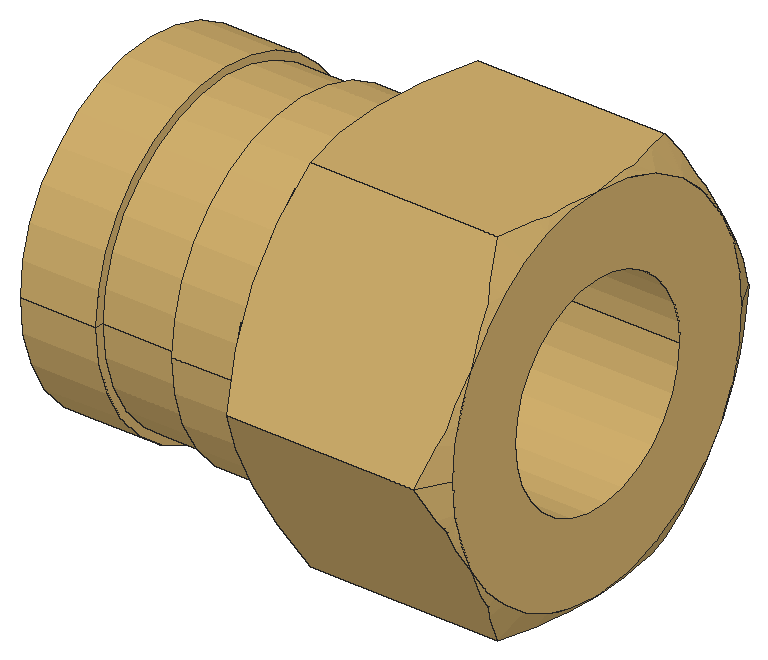
Revit family "PEX_Conector_FemeFixa", category Pipe Fittings, Revit 2025
Family settings
  Round Connector Dimension = Use Radius
  Part Type = Cap
  OmniClass Number = 23.60.30.11.14
  OmniClass Title = Pipework Fittings
  Work Plane-Based = No
  Always vertical = Yes
  Cut with Voids When Loaded = No
  Shared = No
Parameters
  URL = "https://www.ultrapex.com.br/_files/ugd/9f3173_32d47a29bbff48b5af4781a5d529eee8.pdf"
  ULTRAPEX: Versão = "00"  # constant formula
  ULTRAPEX: Norma Técnica = "NBR 15939"  # constant formula
  ULTRAPEX: Descrição [instance] = size_lookup(LookupTable, "DES", "Produto Inexistente", DN1, DN2)  # "Conector Fixo Fêmea 16x1/2\" - ULTRAPEX"
  ULTRAPEX: Código [instance] = size_lookup(LookupTable, "COD", 0, DN1, DN2)  # 9021612
  Type Image = Conector Móvel Fêmea.jpg
  RN2 [instance] = 10 mm
  RN1 [instance] = 8 mm
  Material = Latão - Ultrapex
  LookupTable = "Conector Fêmea Fixo - ULTRAPEX"
  Lado Conector [instance] = 2 * ((Cota A / 2) * cos(60.00°))  # 12.85 mm
  IfcExportAs = "IfcPipeFittingType.CONNECTOR"  # constant formula
  Manufacturer = "UltraPEX"  # constant formula
  Default Elevation = 0.0 mm
  Description = "Conector Fêmea Móvel - ULTRAPEX"
  DN3 [instance] = ((Cota A / 2) * sin(60.00°))  # 11.128 mm
  DN2 Nominal [instance] = RN2 * 2  # 20 mm
  DN2 [instance] = if(DN2 Nominal = 20 mm, 12.7 mm, if(DN2 Nominal = 25 mm, 19.1 mm, if(DN2 Nominal = 32 mm, 25.4 mm, 20 mm)))  # 12.7 mm
  DN1 [instance] = RN1 * 2  # 16 mm
  Cota C [instance] = size_lookup(LookupTable, "C", 10.5 mm, DN1, DN2) + 2.5 mm  # 13.5 mm
  Cota A [instance] = size_lookup(LookupTable, "A", 26.2 mm, DN1, DN2)  # 25.7 mm
  Alerta [instance] = if(ULTRAPEX: Código = 0, 1 = 1, 1 = 0)  # no
Reference planes
  plane 1 "Centro (Frente/Trás)": y = 0
  plane 2: z = 0.458
  plane 3 "Centro (Esquerda/Direita)": x = 0
  plane 4: x = 13.5
Forms (mm)
  Extrusion 1, solid, material "Latão - Ultrapex" <- "Material", detail levels fine
    sketch origin (0, 0.938, 0) x (0, 1, 0) y (0, 0, 1)
      loop
        line (5.488, -10.671) -> (11.913, 0.458) -> (5.488, 11.586) -> (-7.363, 11.586) -> (-13.788, 0.458) -> (-7.362, -10.671) -> (5.488, -10.671)
    from 0 to 13.5 <- "Cota C"
  Extrusion 2, void
    sketch origin (0, 0, 0) x (0, 1, 0) y (0, 0, 1)
      loop
        circle (0, 0.458) r 6.35
    from 13.5 <- "Cota C" to 2.5
  Sweep 3, void
    path origin (0, 0.938, 0) x (0, 1, 0) y (0, 0, 1)
      loop
        circle (-0.938, 0.458) r 11.128
    profile origin (0, 0, 11.586) x (0, 0, -1) y (1, 0, 0)
      loop
        line (2.015, -1.163) -> (-3.651, 2.108) -> (-3.651, -1.163) -> (2.015, -1.163)
  Sweep 4, void
    path origin (13.5, -10.479, 4000.458) x (0, -1, 0) y (0, 0, 1)
      loop
        circle (-10.479, -4000) r 11.128
    profile origin (13.5, 0, -10.671) x (0, 0, -1) y (-1, 0, 0)
      loop
        line (-2.015, -1.163) -> (3.651, -1.163) -> (3.651, 2.108) -> (-2.015, -1.163)
Cuts and joins
  Extrusion 2, Sweep 3, Sweep 4 cuts Extrusion 1
Lines and regions (mm)
  model lines, detail levels coarse+medium
    curve 1: line (0, 0, 0.458) -> (13, 0, 0.458)
Dimensions and locks
  equal spacing: Extrusion 1 sketch curve, plane 2, Extrusion 1 sketch curve
  "Lado Conector": Extrusion 1 sketch curve to Extrusion 1 sketch curve  (x5)
  Extrusion 1 sketch curve to Extrusion 1 sketch curve = 12.85 mm
  "Cota C": plane 3 "Centro (Esquerda/Direita)" to plane 4
  equal spacing: Sweep 3 sketch curve, plane 1 "Centro (Frente/Trás)", Sweep 3 sketch curve
  equal spacing: Sweep 3 sketch curve, plane 2, Sweep 3 sketch curve
  equal spacing: Sweep 4 sketch curve, plane 2, Sweep 4 sketch curve
  equal spacing: Sweep 4 sketch curve, plane 1 "Centro (Frente/Trás)", Sweep 4 sketch curve
  equal spacing: Extrusion 1 sketch curve, plane 1 "Centro (Frente/Trás)", Extrusion 1 sketch curve
  "DN2": diameter of Extrusion 2 sketch curve
  "DN3": radius of Sweep 3 sketch curve
  "DN3": radius of Sweep 4 sketch curve
  locked: Extrusion 1 sketch curve to Extrusion 1 sketch curve (angle 120.00°)  (x4)
  angle Extrusion 1 sketch curve to Extrusion 1 sketch curve = 120.00°
  aligned and locked: plane 2 to level
  aligned and locked: plane 3 "Centro (Esquerda/Direita)" to nested 1
Automatic sketch dimensions
  plane 1 "Centro (Frente/Trás)" to curve 1 = 0.0 mm
  curve 1 to plane 3 "Centro (Esquerda/Direita)" = 0.0 mm
  plane 4 to curve 1 = 0.5 mm
  profile plane to Sweep 3 sketch curve = 3.651 mm
  Sweep 3 sketch curve to profile plane = 2.015 mm
  Sweep 3 sketch curve to profile plane = 1.163 mm
  profile plane to Sweep 3 sketch curve = 2.108 mm
  profile plane to Sweep 4 sketch curve = 2.015 mm
  Sweep 4 sketch curve to profile plane = 1.163 mm
  Sweep 4 sketch curve to profile plane = 3.651 mm
  profile plane to Sweep 4 sketch curve = 2.108 mm
  Extrusion 2 sketch curve to level = 0.0 mm
  Extrusion 2 sketch curve to plane 1 "Centro (Frente/Trás)" = 0.0 mm
Nested families
  nested 1: "Anel Deslizante - ULTRAPEX" at (0, 0, 0.458) x (0, 1, 0) z (0, 0, 1), Diâmetro Nominal <- "DN1", type "Anel Deslizante - ULTRAPEX"
    with ULTRAPEX: Descrição "Anel Deslizante 16 mm - ULTRAPEX", ULTRAPEX: Código 9040016, Diâmetro Nominal 16 mm, DN 16.0 mm, Cota C 4.667 mm, Cota B 14.0 mm, Cota A 20.0 mm
Connectors
  piping at (2.5, 0, 0.458), diameter 20, driven by "RN2"
    settings: on cut or joined group of Extrusion 1, Extrusion 2, Sweep 3, Sweep 4, index 1, connector inside diameter 609.6 mm, connector length 0.0 mm, flow factor 0, pipe flow 0.0 L/s, pressure drop 0.0 Pa, fitting loss kfactor 0, connector angle 0.00°, fixture units 0, engagement length 0.0 mm, angle of deflection 0.00°, flow configuration 0, flow direction 0, fitting loss method 0, system type 28, joint type 0, gender type 0, connector reference index -1, connector utility 0, adjustable connector no, is connector primary yes, connector description ""
  piping at (0, 0, 0.458), diameter 16, driven by "RN1"
    settings: on nested 1, index 2, connector inside diameter 609.6 mm, connector length 0.0 mm, flow factor 0, pipe flow 0.0 L/s, pressure drop 0.0 Pa, fitting loss kfactor 0, connector angle 0.00°, fixture units 0, engagement length 0.0 mm, angle of deflection 0.00°, flow configuration 0, flow direction 0, fitting loss method 0, system type 28, joint type 0, gender type 0, connector reference index -1, connector utility 0, adjustable connector no, is connector primary no, connector description ""
Definition of nested family "Anel Deslizante - ULTRAPEX"
  Parameters (values of type "ANEL DESLIZANTE 16mm")
    URL = "https://www.ultrapex.com.br/_files/ugd/9f3173_32d47a29bbff48b5af4781a5d529eee8.pdf"
    ULTRAPEX: Versão = "00"  # constant formula
    ULTRAPEX: Norma Técnica = "NBR 15939"  # constant formula
    ULTRAPEX: Descrição [instance] = size_lookup(LookupTable, "DES", "Produto Inexistente", Diâmetro Nominal)  # "Anel Deslizante 16 mm - ULTRAPEX"
    ULTRAPEX: Código [instance] = size_lookup(LookupTable, "COD", 0, Diâmetro Nominal)  # 9040016
    Type Image = element 336305
    Material = none
    LookupTable = "Anel Deslizante - ULTRAPEX"  # constant formula
    IfcExportAs = "IfcPipeFittingType.CONNECTOR"  # constant formula
    Manufacturer = "UltraPEX"  # constant formula
    Default Elevation = 0.0 mm
    Diâmetro Nominal [instance] = 16 mm
    Description = "Anel Deslizante - ULTRAPEX"
    DN [instance] = size_lookup(LookupTable, "DN", 16.0 mm, Diâmetro Nominal)  # 16.0 mm
    Cota C [instance] = Cota B / 3  # 4.667 mm
    Cota B [instance] = size_lookup(LookupTable, "B", 14.0 mm, Diâmetro Nominal)  # 14.0 mm
    Cota A [instance] = size_lookup(LookupTable, "A", 20.0 mm, Diâmetro Nominal)  # 20.0 mm
  Reference planes
    plane 1 "Centro (Frente/Trás)": y = 0
    plane 2: z = 0
    plane 3 "Centro (Esquerda/Direita)": x = 0
    plane 4: x = 8
    plane 5: x = -8
    plane 6: x = -10
    plane 7: x = 10
    plane 8: y = 14
  Forms (mm)
    Revolve 1, solid, material <- "Material", detail levels fine
      sketch origin (0, 0, 0) x (1, 0, 0) y (0, 1, 0)
        loop
          line (10, 0) -> (10, 14) -> (8, 14) -> (8, 0) -> (10, 0)
        axis (0, 0) -> (0, 14)
      angle from 0 to 360
    Revolve 2, void
      sketch origin (0, 0, 0) x (1, 0, 0) y (0, 1, 0)
        loop
          line (-10.952, 9.333) -> (-10.952, 4.667) -> (-9.524, 4.667) -> (-9.524, 9.333) -> (-10.952, 9.333)
        axis (0, 4.667) -> (0, 9.333)
      angle from 0 to 360
  Cuts and joins
    Revolve 2 cuts Revolve 1
  Lines and regions (mm)
    model lines, detail levels coarse+medium
      curve 1: line (0, 0, 0) -> (0, 14, 0)
  Dimensions and locks
    "DN": plane 5 to plane 4
    "Cota A": plane 6 to plane 7
    equal spacing: plane 6, plane 3 "Centro (Esquerda/Direita)", plane 7
    equal spacing: plane 5, plane 3 "Centro (Esquerda/Direita)", plane 4
    "Cota B": plane 1 "Centro (Frente/Trás)" to plane 8
    "Cota C": Revolve 2 sketch curve to plane 8
    "Cota C": plane 1 "Centro (Frente/Trás)" to Revolve 2 sketch curve
    locked: plane 6 to Revolve 2 sketch curve at 0.476
    locked: Revolve 2 sketch curve to Revolve 2 sketch curve at 1.428
    aligned and locked: level to plane 2
    aligned and locked: plane 3 "Centro (Esquerda/Direita)" to Revolve 1 sketch curve
    aligned and locked: Revolve 1 sketch curve to plane 7
    aligned and locked: plane 4 to Revolve 1 sketch curve
    aligned and locked: plane 1 "Centro (Frente/Trás)" to Revolve 1 sketch curve
    aligned and locked: plane 8 to Revolve 1 sketch curve
    aligned and locked: plane 8 to curve 1
    aligned and locked: plane 1 "Centro (Frente/Trás)" to curve 1
  Automatic sketch dimensions
    plane 1 "Centro (Frente/Trás)" to Revolve 1 sketch curve = 0.0 mm
    Revolve 1 sketch curve to Revolve 1 sketch curve = 0.0 mm
    curve 1 to plane 3 "Centro (Esquerda/Direita)" = 0.0 mm
    Revolve 2 sketch curve to plane 3 "Centro (Esquerda/Direita)" = 0.0 mm
    plane 1 "Centro (Frente/Trás)" to Revolve 2 sketch curve = 0.0 mm
    plane 8 to Revolve 2 sketch curve = 2.253 mm
